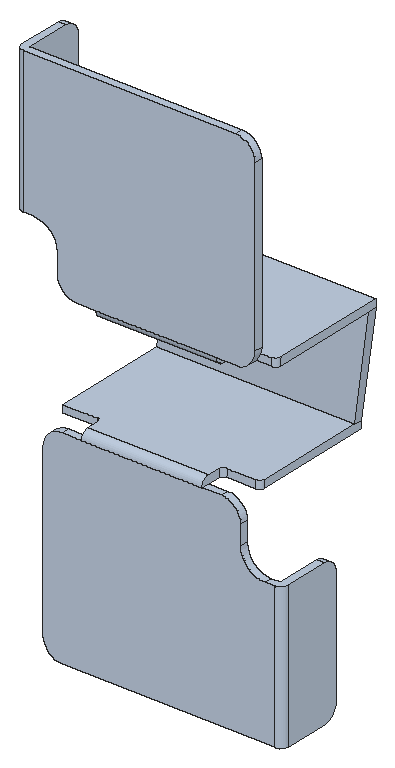
Revit family "BP-s", category 機械設備, Revit 2020
Family settings
  丸型コネクタ寸法 = 直径を使用
  種別 = なし
  パーツ タイプ = 標準
  作業面ベース = いいえ
  常に垂直 = はい
  ロード時にボイドで切り取り = いいえ
  共有 = いいえ
  部屋計算ポイント = いいえ
Parameters
  既定の高さ = 0 mm
  BPｽﾍﾟｰｻ ﾏﾃﾘｱﾙ [instance] = 溶融亜鉛メッキ
  BPｽﾍﾟｰｻ 表示 = yes
Reference planes
  plane 1 "中心(正面/背面)": y = 0
  plane 2: z = 0
  plane 3 "中心(左/右)": x = 0
Forms (mm)
  Extrusion 1, solid, material "溶融亜鉛メッキ" <- "BPｽﾍﾟｰｻ ﾏﾃﾘｱﾙ", visible <- "BPｽﾍﾟｰｻ 表示"
    sketch origin (0.2, -19.438, 0.2) x (1, 0, 0) y (0, 0, 1)
      loop
        line (-13.2, 27.6) -> (-13.2, 12.6) -> (-12.2, 12.6)
        arc (-12.2, 12.6) -> (-10.432, 11.868) -> (-9.7, 10.1) r 2.5
        line (-9.7, 10.1) -> (-9.7, 8.1)
        arc (-9.7, 8.1) -> (-9.114, 6.686) -> (-7.7, 6.1) r 2
        line (-7.7, 6.1) -> (8.8, 6.1)
        arc (8.8, 6.1) -> (10.214, 6.686) -> (10.8, 8.1) r 2
        line (10.8, 8.1) -> (10.8, 25.6)
        arc (10.8, 25.6) -> (10.214, 27.014) -> (8.8, 27.6) r 2
        line (8.8, 27.6) -> (-13.2, 27.6)
    from 0 to 0.8
  Extrusion 2, solid, material "溶融亜鉛メッキ" <- "BPｽﾍﾟｰｻ ﾏﾃﾘｱﾙ", visible <- "BPｽﾍﾟｰｻ 表示"
    sketch origin (0.2, -19.438, 0.2) x (1, 0, 0) y (0, 0, 1)
      loop
        line (-9.7, 5.3) -> (-11.2, -5.7) -> (9.3, -5.7) -> (10.8, 5.3) -> (-9.7, 5.3)
    from -14 to -14.8
  Extrusion 3, solid, material "溶融亜鉛メッキ" <- "BPｽﾍﾟｰｻ ﾏﾃﾘｱﾙ", visible <- "BPｽﾍﾟｰｻ 表示"
    sketch origin (0.2, -19.438, 0.2) x (1, 0, 0) y (0, 0, 1)
      loop
        line (-11.2, -8.5) -> (-11.2, -26)
        arc (-11.2, -26) -> (-10.614, -27.414) -> (-9.2, -28) r 2
        line (-9.2, -28) -> (12.8, -28) -> (12.8, -13) -> (11.8, -13)
        arc (11.8, -13) -> (10.032, -12.268) -> (9.3, -10.5) r 2.5
        line (9.3, -10.5) -> (9.3, -8.5)
        arc (9.3, -8.5) -> (8.714, -7.086) -> (7.3, -6.5) r 2
        line (7.3, -6.5) -> (-9.2, -6.5)
        arc (-9.2, -6.5) -> (-10.614, -7.086) -> (-11.2, -8.5) r 2
    from 0 to 0.8
  Extrusion 4, solid, material "溶融亜鉛メッキ" <- "BPｽﾍﾟｰｻ ﾏﾃﾘｱﾙ", visible <- "BPｽﾍﾟｰｻ 表示"
    sketch origin (0.2, -19.438, 0) x (1, 0, 0) y (0, 1, 0)
      loop
        line (-5.7, 1.5) -> (-5.7, -0.8) -> (6.8, -0.8) -> (6.8, 1.5)
        arc (6.8, 1.5) -> (6.946, 1.854) -> (7.3, 2) r 0.5
        line (7.3, 2) -> (10.3, 2)
        arc (10.3, 2) -> (10.654, 2.146) -> (10.8, 2.5) r 0.5
        line (10.8, 2.5) -> (10.8, 14.8) -> (-9.7, 14.8) -> (-9.7, 2.5)
        arc (-9.7, 2.5) -> (-9.554, 2.146) -> (-9.2, 2) r 0.5
        line (-9.2, 2) -> (-6.2, 2)
        arc (-6.2, 2) -> (-5.846, 1.854) -> (-5.7, 1.5) r 0.5
    from 5.5 to 6.3
  Extrusion 5, solid, material "溶融亜鉛メッキ" <- "BPｽﾍﾟｰｻ ﾏﾃﾘｱﾙ", visible <- "BPｽﾍﾟｰｻ 表示"
    sketch origin (0.2, -19.438, 0) x (1, 0, 0) y (0, 1, 0)
      loop
        line (-7.2, 1.3) -> (-7.2, -0.8) -> (5.3, -0.8) -> (5.3, 1.3)
        arc (5.3, 1.3) -> (5.446, 1.654) -> (5.8, 1.8) r 0.5
        line (5.8, 1.8) -> (8.8, 1.8)
        arc (8.8, 1.8) -> (9.154, 1.946) -> (9.3, 2.3) r 0.5
        line (9.3, 2.3) -> (9.3, 14.8) -> (-11.2, 14.8) -> (-11.2, 1.8) -> (-7.7, 1.8)
        arc (-7.7, 1.8) -> (-7.346, 1.654) -> (-7.2, 1.3) r 0.5
    from -5.5 to -6.3
  Extrusion 6, solid, material "溶融亜鉛メッキ" <- "BPｽﾍﾟｰｻ ﾏﾃﾘｱﾙ", visible <- "BPｽﾍﾟｰｻ 表示"
    sketch origin (0, -19.438, 0.2) x (0, 1, 0) y (0, 0, 1)
      loop
        line (-0.8, 27.6) -> (-0.8, 12.6) -> (4.7, 12.6)
        arc (4.7, 12.6) -> (5.761, 13.039) -> (6.2, 14.1) r 1.5
        line (6.2, 14.1) -> (6.2, 26.1)
        arc (6.2, 26.1) -> (5.761, 27.161) -> (4.7, 27.6) r 1.5
        line (4.7, 27.6) -> (-0.8, 27.6)
    from -13 to -13.8
  Extrusion 7, solid, material "溶融亜鉛メッキ" <- "BPｽﾍﾟｰｻ ﾏﾃﾘｱﾙ", visible <- "BPｽﾍﾟｰｻ 表示"
    sketch origin (0, -19.438, 0.2) x (0, 1, 0) y (0, 0, 1)
      loop
        line (-0.8, -28) -> (4.7, -28)
        arc (4.7, -28) -> (5.761, -27.561) -> (6.2, -26.5) r 1.5
        line (6.2, -26.5) -> (6.2, -14.5)
        arc (6.2, -14.5) -> (5.761, -13.439) -> (4.7, -13) r 1.5
        line (4.7, -13) -> (-0.8, -13) -> (-0.8, -28)
    from 13 to 13.8
  Extrusion 8, void
    sketch origin (0, -19.438, 0) x (1, 0, 0) y (0, 1, 0)
      loop
        arc (-13, -0.8) -> (-13.566, -0.566) -> (-13.8, 0) r 0.8
        line (-13.8, 0) -> (-13.8, -0.8) -> (-13, -0.8)
    from 12.8 to 27.8
  Extrusion 9, void
    sketch origin (0, -19.438, 0) x (1, 0, 0) y (0, 1, 0)
      loop
        line (13, -0.8) -> (13.8, -0.8) -> (13.8, 0)
        arc (13.8, 0) -> (13.566, -0.566) -> (13, -0.8) r 0.8
    from -12.8 to -27.8
  Extrusion 10, void
    sketch origin (0, -19.438, 0) x (0, 1, 0) y (0, 0, 1)
      loop
        line (-0.8, 6.3) -> (-0.8, 5.5) -> (0, 5.5)
        arc (0, 5.5) -> (-0.566, 5.734) -> (-0.8, 6.3) r 0.8
    from -5.5 to 7
  Extrusion 11, void
    sketch origin (0, -19.438, 0) x (0, 1, 0) y (0, 0, 1)
      loop
        line (0, -5.5) -> (-0.8, -5.5) -> (-0.8, -6.3)
        arc (-0.8, -6.3) -> (-0.566, -5.734) -> (0, -5.5) r 0.8
    from -7 to 5.5
Cuts and joins
  Extrusion 10 cuts Extrusion 1
  Extrusion 10 cuts Extrusion 4
  Extrusion 11 cuts Extrusion 5
  Extrusion 8 cuts Extrusion 6
  Extrusion 9 cuts Extrusion 7
  joined: Extrusion 1, Extrusion 2, Extrusion 3, Extrusion 4, Extrusion 5, Extrusion 6, Extrusion 7
Lines and regions (mm)
  reference lines
    curve 1: line (-45, 0, 0) -> (45, 0, 0)
Dimensions and locks
  aligned and locked: level to plane 2
  aligned and locked: curve 1 to plane 2
